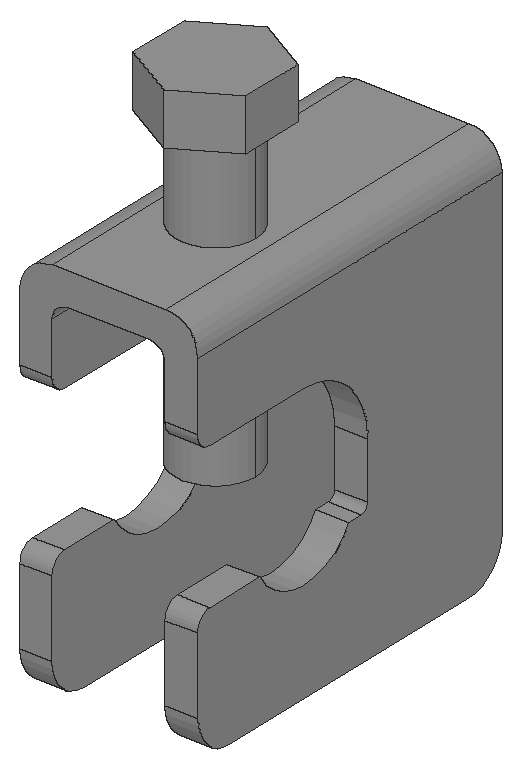
Revit family "VARIO- Erdungsklemme- 1814 FT D14", category Generic Models, Revit 2017
Family settings
  Can host rebar = No
  Round Connector Dimension = Use Diameter
  Part Type = Normal
  Work Plane-Based = No
  Always vertical = Yes
  Cut with Voids When Loaded = No
  Shared = No
  Room Calculation Point = No
Parameters (values of type "1814 FT D14")
  URL = "http://www.obo-bettermann.com"
  Material = Hot-dip galvanised
  Manufacturer Art.No. = "5014471"
  Manufacturer = "OBO BETTERMANN"
  GTIN = "4012196656134"
  Article Type = "1814 FT D14"
Reference planes
  plane 1 "Center (Front/Back)": y = 0
  plane 2: z = 0
  plane 3 "Center (Left/Right)": x = 0
  plane 4: y = 47
  plane 5: z = 34.5
  plane 6: z = 49
  plane 7: y = 26.3
  plane 8: z = 16.5
  plane 9: y = 16.5
  plane 10: z = 20.5
  plane 11: y = 30.5
  plane 12: x = 10.971
  plane 13: z = 22.523
  plane 14: z = 60.776
  plane 15: y = 16.5
  plane 16: x = 10.971
  plane 17: x = 10.971
  plane 18: y = 16.501
  plane 19: x = 10.971
  plane 20: y = 16.5
  plane 21: z = 67.176
Forms (mm)
  Extrusion 1, solid, material "Hot-dip galvanised" <- "Material"
    sketch origin (0, 0, 0) x (1, 0, 0) y (0, 0, 1)
      loop
        line (0, 0) -> (3.971, 0) -> (3.971, 43)
        arc (3.971, 43) -> (4.557, 44.414) -> (5.971, 45) r 2
        line (5.971, 45) -> (15.971, 45)
        arc (15.971, 45) -> (17.386, 44.414) -> (17.971, 43) r 2
        line (17.971, 43) -> (17.971, 0) -> (22.016, 0) -> (22.016, 45)
        arc (22.016, 45) -> (20.844, 47.828) -> (18.016, 49) r 4
        line (18.016, 49) -> (4, 49)
        arc (4, 49) -> (1.172, 47.828) -> (0, 45) r 4
        line (0, 45) -> (0, 0)
    from 0 to -47
  Extrusion 2, void
    sketch origin (0, 0, 0) x (0, 1, 0) y (0, 0, 1)
      loop
        line (0, 34.5) -> (0, 16.5) -> (9.592, 16.5)
        arc (9.592, 16.5) -> (16.469, 12.587) -> (23.346, 16.5) r 8
        line (23.346, 16.5) -> (25.3, 16.5)
        arc (25.3, 16.5) -> (26.007, 16.793) -> (26.3, 17.5) r 1
        line (26.3, 17.5) -> (26.3, 24.5)
        arc (26.3, 24.5) -> (23.371, 31.571) -> (16.3, 34.5) r 10
        line (16.3, 34.5) -> (0, 34.5)
    from 0 to 22.016
  Extrusion 3, void
    sketch origin (0, 0, 0) x (0, 1, 0) y (0, 0, 1)
      loop
        line (0, 5) -> (0, 0) -> (5, 0)
        arc (5, 0) -> (1.464, 1.464) -> (0, 5) r 5
      loop
        line (42, 0) -> (47, 0) -> (47, 5)
        arc (47, 5) -> (45.536, 1.464) -> (42, 0) r 5
      loop
        line (0, 36.5) -> (0, 34.5) -> (2, 34.5)
        arc (2, 34.5) -> (0.586, 35.086) -> (0, 36.5) r 2
      loop
        arc (0, 14.5) -> (0.586, 15.914) -> (2, 16.5) r 2
        line (2, 16.5) -> (0, 16.5) -> (0, 14.5)
    from 0 to 22.016
  Extrusion 4, void
    sketch origin (0, 0, 0) x (1, 0, 0) y (0, 1, 0)
      loop
        circle (10.971, 16.5) r 5
    from 45 to 49
  Extrusion 5, solid, material "Hot-dip galvanised" <- "Material"
    sketch origin (0, 0, 0) x (1, 0, 0) y (0, 1, 0)
      loop
        circle (10.971, 16.501) r 5.001
    from 22.523 to 60.776
  Extrusion 6, solid, material "Hot-dip galvanised" <- "Material"
    sketch origin (0, 0, 0) x (1, 0, 0) y (0, 1, 0)
      loop
        line (10.971, 8.474) -> (17.923, 12.487) -> (17.923, 20.513) -> (10.971, 24.526) -> (4.02, 20.513) -> (4.02, 12.487) -> (10.971, 8.474)
    from 60.776 to 67.176
Cuts and joins
  Extrusion 2, Extrusion 3, Extrusion 4 cuts Extrusion 1
Dimensions and locks
  locked: Extrusion 1 sketch curve to level at 49
  locked: Extrusion 1 sketch curve to Extrusion 1 sketch curve at 3.971
  locked: Extrusion 1 sketch curve to Extrusion 1 sketch curve at 4.044
  locked: Extrusion 1 sketch curve to Extrusion 1 sketch curve at 4
  locked: Extrusion 1 sketch curve to Extrusion 1 sketch curve at 49  (x2)
  locked: Extrusion 1 sketch curve to Extrusion 1 sketch curve at 14
  plane 1 "Center (Front/Back)" to plane 4 = 47 mm
  locked: plane 6 to level at 49
  plane 6 to plane 5 = 14.5 mm
  Extrusion 1 to plane 7 = 26.3 mm
  locked: plane 5 to plane 8 at 18
  locked: Extrusion 1 to plane 9 at 16.5
  locked: plane 10 to plane 8 at 4
  locked: Extrusion 2 sketch curve to Extrusion 2 sketch curve at 18
  locked: Extrusion 1 to Extrusion 2 sketch curve at 26.3
  locked: plane 4 to plane 11 at 16.5
  locked: cut or joined group of Extrusion 1, Extrusion 2, Extrusion 3, Extrusion 4 to plane 12 at 7
  plane 14 to plane 13 = 38.254 mm
  locked: plane 13 to level at 22.523
  locked: plane 14 to level at 60.776
  locked: plane 1 "Center (Front/Back)" to plane 15 at 16.5
  locked: plane 16 to Extrusion 4 sketch curve at 0
  locked: plane 15 to Extrusion 4 sketch curve at 5
  locked: cut or joined group of Extrusion 1, Extrusion 2, Extrusion 3, Extrusion 4 to plane 18 at 16.501
  locked: cut or joined group of Extrusion 1, Extrusion 2, Extrusion 3, Extrusion 4 to plane 18 at 4.999
  locked: plane 17 to Extrusion 5 sketch curve at 0
  locked: cut or joined group of Extrusion 1, Extrusion 2, Extrusion 3, Extrusion 4 to plane 20 at 16.5
  locked: plane 20 to Extrusion 6 sketch curve at 8.026
  locked: plane 19 to cut or joined group of Extrusion 1, Extrusion 2, Extrusion 3, Extrusion 4 at 7
  locked: plane 21 to plane 14 at 6.4
  radius of Extrusion 2 sketch curve = 8 mm
  radius of Extrusion 2 sketch curve = 10 mm
  aligned and locked: level to plane 2
  aligned and locked: plane 3 "Center (Left/Right)" to Extrusion 1 sketch curve
  aligned and locked: Extrusion 1 to level  (x2)
  aligned and locked: Extrusion 1 to plane 3 "Center (Left/Right)"
  aligned and locked: plane 4 to Extrusion 1
  aligned and locked: Extrusion 2 sketch curve to plane 8
  aligned and locked: Extrusion 1 to Extrusion 2
  aligned and locked: Extrusion 2 to plane 3 "Center (Left/Right)"
  aligned and locked: Extrusion 3 to plane 3 "Center (Left/Right)"
  aligned and locked: Extrusion 3 to Extrusion 1
  aligned and locked: Extrusion 4 to Extrusion 1
  aligned and locked: Extrusion 1 to Extrusion 4
  aligned and locked: plane 13 to Extrusion 5
  aligned and locked: plane 14 to Extrusion 5
  aligned and locked: Extrusion 6 to plane 14
  aligned and locked: plane 21 to Extrusion 6
Automatic sketch dimensions
  Extrusion 1 sketch curve to Extrusion 1 sketch curve = 0.029 mm
  Extrusion 1 sketch curve to Extrusion 1 sketch curve = 1.971 mm
  Extrusion 1 sketch curve to Extrusion 1 sketch curve = 0.044 mm
  Extrusion 1 sketch curve to Extrusion 1 sketch curve = 2 mm
  Extrusion 2 sketch curve to plane 1 "Center (Front/Back)" = 0 mm
  Extrusion 2 sketch curve to plane 8 = 0 mm
  Extrusion 2 sketch curve to plane 9 = 0.031 mm
  Extrusion 2 sketch curve to plane 7 = 1 mm
  plane 10 to Extrusion 2 sketch curve = 0.087 mm
  Extrusion 3 sketch curve to plane 1 "Center (Front/Back)" = 0 mm  (x3)
  Extrusion 3 sketch curve to level = 0 mm  (x2)
  Extrusion 3 sketch curve to plane 4 = 0 mm
  Extrusion 3 sketch curve to Extrusion 3 sketch curve = 2 mm
  Extrusion 3 sketch curve to plane 1 "Center (Front/Back)" = 2 mm
  Extrusion 3 sketch curve to plane 1 "Center (Front/Back)" = 5 mm
  Extrusion 3 sketch curve to plane 4 = 5 mm
  Extrusion 3 sketch curve to Extrusion 3 sketch curve = 9.5 mm
  Extrusion 3 sketch curve to Extrusion 3 sketch curve = 18 mm
  Extrusion 3 sketch curve to Extrusion 3 sketch curve = 0 mm
  plane 15 to Extrusion 4 sketch curve = 0 mm
  Extrusion 5 sketch curve to plane 18 = 0 mm
  Extrusion 6 sketch curve to plane 12 = 0 mm  (x2)
  plane 3 "Center (Left/Right)" to Extrusion 6 sketch curve = 4.02 mm
  plane 12 to Extrusion 6 sketch curve = 6.951 mm
  Extrusion 6 sketch curve to plane 20 = 4.013 mm  (x2)
  plane 20 to Extrusion 6 sketch curve = 4.013 mm  (x2)
  Extrusion 6 sketch curve to plane 11 = 5.974 mm
  radius of Extrusion 5 sketch curve = 5.001 mm
